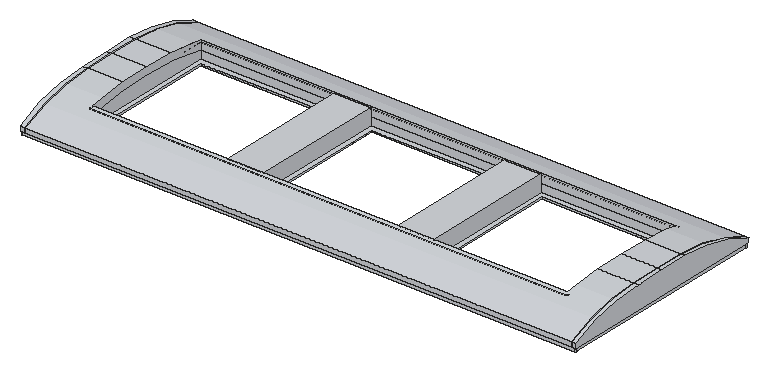
Revit family "Gira_0213726", category Electrical Fixtures, host Face, Revit 2017
Family settings
  Host = Face
  Maintain Annotation Orientation = No
  Round Connector Dimension = Use Diameter
  Part Type = Normal
  Cut with Voids When Loaded = No
  Shared = No
  Room Calculation Point = No
Parameters (values of type "Cov.fr. 3-g interm.fr. CAl Gira Event Clear white")
  URL = "http://katalog.gira.de/en/datenblatt.html?artikelnr=0213726"
  Transparent = "No"
  Name = "Cov.fr. 3-g interm.fr. CAl Gira Event Clear white"
  Manufacturer URL = "https://www.gira.de/"
  Manufacturer = "Gira"
  Label space/information surface = "No"
  Keynote = ""
  HeinzeBIM = "https://bimportal.heinze.de/bim/cov-fr-3-g-interm-fr-cal-gira-event-clear-white/8776d866cc49d737594ab604e6587b2f642570b7"
  HAN = "0213726"
  GTIN = "4010337068723"
  Description = "Cov.fr.3g i.fr.CAl EvCl WH,Gira Event Clear cover frame,white with colour aluminium intermediate frame,3-gang,Features:,- Shatter-proof."
  Default Elevation = 1219.2 mm
  Data sheet (1) = "https://katalog.gira.de/en/download.html?artikelnr=0213726"
  Category = "Cover frame for domestic switching devices"
  BIM (1) = "https://media.stage.bim.site/public/gira/36a6b08/Event_Rahmen_3fach.rfa"
  Available = "No"
Reference planes
  plane 1 "Center (Front/Back)": y = 0
  plane 2: z = 0
  plane 3 "Center (Left/Right)": x = 0
Forms (mm)
  Extrusion 1, solid, detail levels fine
    sketch origin (0, 0, 0.05) x (0, 1, 0) y (0, 0, 1)
      loop
        arc (12.445, 9.683) -> (6.223, 9.833) -> (0, 9.85) r 291.636
        arc (0, 9.85) -> (-6.223, 9.833) -> (-12.445, 9.683) r 291.636
        arc (-12.445, 9.683) -> (-29.14, 7.482) -> (-45, 1.823) r 79.728
        line (-45, 1.823) -> (-45, -0.05) -> (-42.086, -0.05)
        arc (-42.086, -0.05) -> (-21.385, 5.559) -> (0, 7.206) r 114.424
        arc (0, 7.206) -> (21.385, 5.559) -> (42.086, -0.05) r 114.424
        line (42.086, -0.05) -> (45, -0.05) -> (45, 1.823)
        arc (45, 1.823) -> (29.14, 7.482) -> (12.445, 9.683) r 79.728
    from -114.3 to 114.3
  Extrusion 2, void, detail levels fine
    sketch origin (0, 0, 0) x (1, 0, 0) y (0, 1, 0)
      loop
        line (-99.355, -28.053) -> (99.355, -28.053) -> (99.355, 28.053) -> (-99.355, 28.053) -> (-99.355, -28.053)
    from 0.724 to 11
  Extrusion 3, solid, detail levels coarse
    sketch origin (0, 0, 0) x (1, 0, 0) y (0, 1, 0)
      loop
        line (-116.3, 45) -> (-116.3, -45) -> (116.3, -45) -> (116.3, 45) -> (-116.3, 45)
    from -1.5 to 9.9
  Extrusion 4, solid, detail levels medium
    sketch origin (0, 0, 0.05) x (0, 1, 0) y (0, 0, 1)
      loop
        arc (12.445, 9.683) -> (6.223, 9.833) -> (0, 9.85) r 291.636
        arc (0, 9.85) -> (-6.223, 9.833) -> (-12.445, 9.683) r 291.636
        arc (-12.445, 9.683) -> (-29.14, 7.482) -> (-45, 1.823) r 79.728
        line (-45, 1.823) -> (-45, -0.05) -> (45, -0.05) -> (45, 1.823)
        arc (45, 1.823) -> (29.14, 7.482) -> (12.445, 9.683) r 79.728
    from -116.3 to 116.3
  Extrusion 5, solid, detail levels fine
    sketch origin (-71.3, 0, -1.5) x (0, 1, 0) y (0, 0, -1)
      loop
        line (45, -3.373) -> (45, -1.5) -> (-45, -1.5) -> (-45, -3.373)
        arc (-45, -3.373) -> (-29.14, -9.032) -> (-12.445, -11.233) r 79.728
        arc (-12.445, -11.233) -> (-6.223, -11.383) -> (0, -11.4) r 291.636
        arc (0, -11.4) -> (6.223, -11.383) -> (12.445, -11.233) r 291.636
        arc (12.445, -11.233) -> (29.14, -9.032) -> (45, -3.373) r 79.728
    from 43 to 45
  Extrusion 6, solid, detail levels fine
    sketch origin (0, 0, 0) x (1, 0, 0) y (0, 1, 0)
      loop
        line (-97.195, 25.7) -> (-97.195, -25.7) -> (-45.395, -25.7) -> (-45.395, 25.7) -> (-97.195, 25.7)
      loop
        line (25.9, -25.7) -> (25.9, 25.7) -> (-25.9, 25.7) -> (-25.9, -25.7) -> (25.9, -25.7)
      loop
        line (-100.19, 28.49) -> (-100.19, -28.495)
        spline (-100.19, -28.495) -> (-100.181, -28.625) -> (-100.156, -28.754) -> (-100.113, -28.878) -> (-100.056, -28.995) -> (-99.983, -29.104) -> (-99.897, -29.202) -> (-99.798, -29.288) -> (-99.69, -29.361) -> (-99.572, -29.419) -> (-99.448, -29.461) -> (-99.32, -29.486) -> (-99.19, -29.495)
        line (-99.19, -29.495) -> (99.195, -29.495)
        spline (99.195, -29.495) -> (99.325, -29.486) -> (99.454, -29.461) -> (99.578, -29.419) -> (99.695, -29.361) -> (99.804, -29.288) -> (99.902, -29.202) -> (99.988, -29.104) -> (100.061, -28.995) -> (100.119, -28.878) -> (100.161, -28.754) -> (100.186, -28.625) -> (100.195, -28.495)
        line (100.195, -28.495) -> (100.195, 28.49)
        spline (100.195, 28.49) -> (100.186, 28.62) -> (100.161, 28.748) -> (100.119, 28.872) -> (100.061, 28.99) -> (99.988, 29.098) -> (99.902, 29.197) -> (99.804, 29.283) -> (99.695, 29.356) -> (99.578, 29.413) -> (99.454, 29.456) -> (99.325, 29.481) -> (99.195, 29.49)
        line (99.195, 29.49) -> (-99.19, 29.49)
        spline (-99.19, 29.49) -> (-99.32, 29.481) -> (-99.448, 29.456) -> (-99.572, 29.413) -> (-99.69, 29.356) -> (-99.798, 29.283) -> (-99.897, 29.197) -> (-99.983, 29.098) -> (-100.056, 28.99) -> (-100.113, 28.872) -> (-100.156, 28.748) -> (-100.181, 28.62) -> (-100.19, 28.49)
      loop
        line (97.2, -25.7) -> (97.2, 25.7) -> (45.4, 25.7) -> (45.4, -25.7) -> (97.2, -25.7)
    from 0.1 to 7.3
  Extrusion 7, solid
    sketch origin (0, 0, 0) x (1, 0, 0) y (0, 1, 0)
      loop
        arc (-116, -44.2) -> (-115.854, -44.554) -> (-115.5, -44.7) r 0.5
        line (-115.5, -44.7) -> (115.5, -44.7)
        arc (115.5, -44.7) -> (115.854, -44.554) -> (116, -44.2) r 0.5
        line (116, -44.2) -> (116, 44.2)
        arc (116, 44.2) -> (115.854, 44.554) -> (115.5, 44.7) r 0.5
        line (115.5, 44.7) -> (-115.5, 44.7)
        arc (-115.5, 44.7) -> (-115.854, 44.554) -> (-116, 44.2) r 0.5
        line (-116, 44.2) -> (-116, -44.2)
      loop
        line (-114.3, 43) -> (-114.3, -43) -> (114.3, -43) -> (114.3, 43) -> (-114.3, 43)
    from -1.5 to 0.5
  Extrusion 8, solid, detail levels fine
    sketch origin (71.3, 0, -1.5) x (0, 1, 0) y (0, 0, 1)
      loop
        arc (45, 3.373) -> (29.14, 9.032) -> (12.445, 11.233) r 79.728
        arc (12.445, 11.233) -> (6.223, 11.383) -> (0, 11.4) r 291.636
        arc (0, 11.4) -> (-6.223, 11.383) -> (-12.445, 11.233) r 291.636
        arc (-12.445, 11.233) -> (-29.14, 9.032) -> (-45, 3.373) r 79.728
        line (-45, 3.373) -> (-45, 1.5) -> (45, 1.5) -> (45, 3.373)
    from 43 to 45
  Extrusion 9, solid, detail levels medium
    sketch origin (0, 0, 0) x (1, 0, 0) y (0, 1, 0)
      loop
        line (-116, -44.7) -> (116, -44.7) -> (116, 44.7) -> (-116, 44.7) -> (-116, -44.7)
    from -1.5 to 0.5
  Extrusion 10, solid, detail levels fine
    sketch origin (-34.207, 0, 0) x (1, 0, 0) y (0, 1, 0)
      loop
        line (-8.943, 28.063) -> (-8.943, -27.937) -> (6.057, -27.937) -> (6.057, 28.063) -> (-8.943, 28.063)
    from 0.724 to 7.566
  Extrusion 11, solid, detail levels fine
    sketch origin (34.207, 0, 0) x (-1, 0, 0) y (0, -1, 0)
      loop
        line (-8.943, -28.063) -> (6.057, -28.063) -> (6.057, 27.937) -> (-8.943, 27.937) -> (-8.943, -28.063)
    from 0.724 to 7.566
Cuts and joins
  Extrusion 2 cuts Extrusion 1
  Extrusion 2 cuts Extrusion 6
Dimensions and locks
  aligned and locked: plane 2 to host face
  aligned and locked: level to host face
